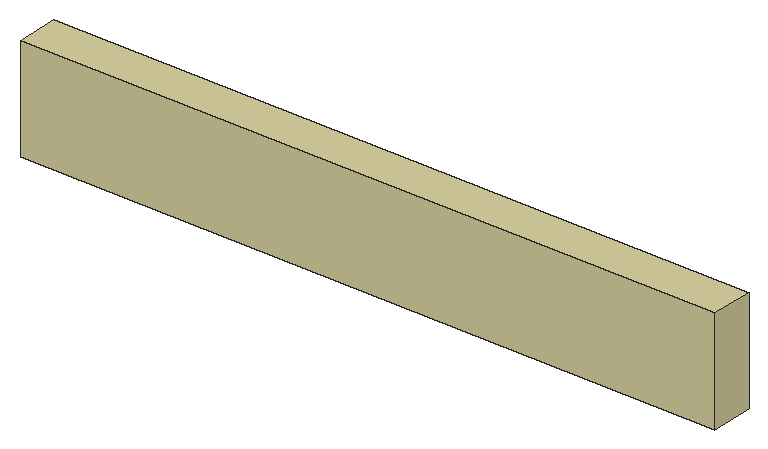
Revit family "СИБИТ_Узел_Перемычка_Высота 300 мм_D600 B2,5", category Обобщенные модели, Revit 2017
Family settings
  Основа = Стена
  Может служить основой для арматурных стержней = Нет
  Размер круглого соединителя = Использовать диаметр
  Тип детали = Нормальный
  Номер OmniClass = 23.25.30.11.14.14
  Заголовок OmniClass = Beams
  Всегда вертикально = Да
  При загрузке вырезать с полостями = Да
  Общий = Да
  Точка расчета площади = Нет
Parameters
  Ширина_Перемычка [instance] = if(Ширина перемычки = Тип_1, 100 mm, if(Ширина перемычки = Тип_2, 120 mm, 150 mm))  # 120 mm
  Типоразмер_перемычки_1 [instance] = size_lookup(SLT_1, "", "ERROR", Длина_Перемычка, Ширина_Перемычка, Высота_Перемычка)  # "ПР20;1.2;30-0.55Я-В2.5"
  Тип_3 = Ширина : 150 мм
  Тип_2 = Ширина : 120 мм
  Тип_1 = Ширина : 100 мм
  Сертификат соответствия = "https://sibyt.ru/docs/lwut3ce_R8_hMIJXyOkKvIdYr3UTfy0A.pdf"
  Расчётная нагрузка, кгс/пог.м [instance] = size_lookup(SLT_1, "LOAD", 0, Длина_Перемычка, Ширина_Перемычка, Высота_Перемычка)  # 550
  Отступ от плоскости размещения [instance] = 0 mm
  Разработчик модели = "Bimon - сервисный провайдер услуг информационного моделирования"  # constant formula
  Объём, м³ [instance] = size_lookup(SLT_1, "VOLUME", 0, Длина_Перемычка, Ширина_Перемычка, Высота_Перемычка)  # 0.07
  Мин. глубина опирания, мм, ненесущая/несущая [instance] = if(Длина_Перемычка = 2500 mm, "100/200", if(Длина_Перемычка = 2000 mm, "100/150", if(Длина_Перемычка = 1500 mm, "100/100", "100/150")))  # "100/150"
  Материал несущих конструкций = СИБИТ_Перемычки_Газобетон D600 B2,5
  Масса изделия при влажности 25%, кг [instance] = size_lookup(SLT_1, "MASS", 0, Длина_Перемычка, Ширина_Перемычка, Высота_Перемычка)  # 57.6
  Контактный телефон = "+7 (383) 363-90-90"
  Контактный Email = "zavod-sibit@ao-gns.ru"
  Код КСР (ФГИС ЦС) = ""
  Длина_Перемычка [instance] = if(Длина перемычки = Д_тип_1, 1200 mm, if(Длина перемычки = Д_тип_2, 1500 mm, if(Длина перемычки = Д_тип_3, 2000 mm, 2500 mm)))  # 2000 mm
  Длина перемычки [instance] = Длина : 2000 мм
  Д_тип_4 = Длина : 2500 мм
  Д_тип_3 = Длина : 2000 мм
  Д_тип_2 = Длина : 1500 мм
  Д_тип_1 = Длина : 1200 мм
  Высота_Перемычка [instance] = if(and(Длина_Перемычка = 2500 mm, Ширина_Перемычка = 120 mm), 0 mm, 300 mm)  # 300 mm
  Ширина перемычки [instance] = Ширина : 120 мм
  В пачке, шт. [instance] = size_lookup(SLT_1, "AMOUNT", 0, Длина_Перемычка, Ширина_Перемычка, Высота_Перемычка)  # 24
  Uniclass 2015 Title = "Beams"  # constant formula
  Uniclass 2015 Code = "EF_20_20"  # constant formula
  UNSPSC Title = "Beams"  # constant formula
  UNSPSC Code = "30101700"  # constant formula
  SLT_1 = "1_LUT"  # constant formula
  Description = ""
  Ключевая пометка = "04200.B2"
  Omniclass Title = "Beams"  # constant formula
  Omniclass Code = "23.25.30.11.14.14"  # constant formula
  Masterformat Title = ""
  Masterformat Code = ""
  IFC Classification = "Beam"  # constant formula
  Изготовитель = "СИБИТ"  # constant formula
  Model = ""
  URL = "www.sibyt.ru"
  COBie Category = ""
  Bimon = "www.bimon.ru"
Reference planes
  plane 1 "Стена": y = 0
  plane 2 "По центру (Влево/Вправо)": x = 125
  plane 3 "Назад": y = 150
  plane 4: x = -875
  plane 5: x = 1125
  plane 6 "1": z = 300
  plane 7: y = 150
  plane 8: y = 30
  plane 9 "УГО": y = 90
Forms (mm)
  Extrusion 1, void
    sketch origin (125, 0, 0) x (0, 1, 0) y (0, 0, 1)
      loop
        line (150, 300) -> (30, 300) -> (30, 0) -> (150, 0) -> (150, 300)
    from -1000 to 1000
Lines and regions (mm)
  model lines, detail levels coarse
    curve 1: line (-875, 90, 0) -> (1125, 90, 0)
  symbolic lines, detail levels coarse
    curve 2: line (-875, 90, 0) -> (1125, 90, 0)
Text (mm)
  text "Placement Side" at (-1848.837, 1116.779, 0), in view "Опорный уровень"
  text "Placement side" at (0, 1409.804, 2854.306), in view "Слева"
  text "Placement side" at (0, 499.811, 2980.732), in view "Справа"
Dimensions and locks
  locked: plane 3 "Назад" to host wall
  equal spacing: plane 4, plane 2 "По центру (Влево/Вправо)", plane 5
  "Длина_Перемычка": plane 4 to plane 5
  "Высота_Перемычка": level to plane 6 "1"
  "Отступ от плоскости размещения": plane 3 "Назад" to plane 7
  "Ширина_Перемычка": plane 7 to plane 8
  equal spacing: plane 8, plane 9 "УГО", plane 7
  aligned and locked: plane 1 "Стена" to host wall
  aligned and locked: plane 5 to nested 1
  aligned and locked: nested 1 to nested 1
  aligned and locked: nested 1 to plane 7
  aligned and locked: Extrusion 1 to plane 7
  aligned and locked: plane 8 to Extrusion 1
  aligned and locked: Extrusion 1 to level
  aligned and locked: nested 1 to plane 4
  aligned and locked: plane 5 to Extrusion 1
  aligned and locked: Extrusion 1 to plane 4
  aligned and locked: plane 9 "УГО" to curve 1
  aligned and locked: plane 9 "УГО" to curve 2
  aligned and locked: plane 4 to curve 2
  aligned and locked: plane 5 to curve 2
  aligned and locked: Extrusion 1 sketch curve to plane 6 "1"
Automatic sketch dimensions
  curve 1 to plane 4 = 0 mm
  curve 1 to plane 5 = 0 mm
  Extrusion 1 sketch curve to plane 8 = 0 mm
  Extrusion 1 sketch curve to level = 0 mm
  Extrusion 1 sketch curve to plane 7 = 0 mm
Nested families
  nested 1: "СИБИТ_Перемычка" at (125, 90, 0), Высота <- "Высота_Перемычка", Длина <- "Длина_Перемычка", Ширина <- "Ширина_Перемычка", Тип, марка, обозначение <- "Типоразмер_перемычки_1", Масса изделия при влажности 25%, кг <- "Масса изделия при влажности 25%, кг", Объём, м³ <- "Объём, м³", В пачке, шт. <- "В пачке, шт.", Расчётная нагрузка, кгс/м <- "Расчётная нагрузка, кгс/пог.м", Structural Material <- "Материал несущих конструкций", type "СИБИТ_Перемычка D600 B2,5", detail levels medium+fine
    with Ширина 120 mm, Тип, марка, обозначение "ПР20;1.2;30-0.55Я-В2.5", Расчётная нагрузка, кгс/м 550, Объём, м³ 0.07, Мин. глубина опирания, мм, ненесущая/несущая "100/150", built-in parameter 1005500 СИБИТ_Перемычки_Газобетон D600 B2,5, Масса изделия при влажности 25%, кг 57.6, Длина 2000 mm, Высота 300 mm, В пачке, шт. 24
Definition of nested family "СИБИТ_Перемычка"
  Parameters (values of type "СИБИТ_Перемычка D600 B2,5")
    Ширина [instance] = 150 mm
    Тип, марка, обозначение [instance] = ""
    Расчётная нагрузка, кгс/м [instance] = 0
    Description = "СТО 39136230-01-2008"
    Fire Rating = ""
    Объём, м³ [instance] = 0
    Мин. глубина опирания, мм, ненесущая/несущая [instance] = if(Длина = 2500 mm, "100/200", if(Длина = 2000 mm, "100/150", if(Длина = 1500 mm, "100/100", "100/150")))  # "100/150"
    Structural Material [instance] = none
    Масса изделия при влажности 25%, кг [instance] = 0
    Keynote = "04200.B2"
    Manufacturer = "СИБИТ"
    Длина [instance] = 3000 mm
    Model = ""
    Высота [instance] = 300 mm
    В пачке, шт. [instance] = 0
    Uniclass 2015 Title = "Beams"  # constant formula
    Uniclass 2015 Code = "EF_20_20"  # constant formula
    URL = "www.sibyt.ru"
    UNSPSC Title = "Beams"  # constant formula
    UNSPSC Code = "30101700"  # constant formula
    OmniClass Title = "Beams"  # constant formula
    OmniClass Code = "23.25.30.11.14.14"  # constant formula
    Masterformat Title = ""
    Masterformat Code = ""
    IFC Classification = "Beam"  # constant formula
    COBie Category = ""
  Reference planes
    plane 1 "По центру (Вперед/Назад)": y = 0
    plane 2: z = 0
    plane 3 "По центру (Влево/Вправо)": x = 0
    plane 4: y = 75
    plane 5: y = -75
    plane 6: x = -1500
    plane 7: x = 1500
    plane 8: z = 300
  Forms (mm)
    Extrusion 1, solid, material <- "Structural Material"
      sketch origin (0, 0, 0) x (1, 0, 0) y (0, 1, 0)
        loop
          line (-1500, 75) -> (-1500, -75) -> (1500, -75) -> (1500, 75) -> (-1500, 75)
      from 0 to 300
  Dimensions and locks
    equal spacing: plane 4, plane 1 "По центру (Вперед/Назад)", plane 5
    "Ширина": plane 5 to plane 4
    equal spacing: plane 6, plane 3 "По центру (Влево/Вправо)", plane 7
    "Длина": plane 6 to plane 7
    "Высота": plane 8 to plane 2
    aligned and locked: level to plane 2
    aligned and locked: Extrusion 1 to plane 4
    aligned and locked: Extrusion 1 to plane 5
    aligned and locked: Extrusion 1 to plane 6
    aligned and locked: Extrusion 1 to plane 7
    aligned and locked: Extrusion 1 to plane 8
  Automatic sketch dimensions
    Extrusion 1 sketch curve to plane 5 = 0 mm
    Extrusion 1 sketch curve to plane 3 "По центру (Влево/Вправо)" = 1500 mm
    plane 3 "По центру (Влево/Вправо)" to Extrusion 1 sketch curve = 1500 mm
    Extrusion 1 sketch curve to plane 4 = 0 mm
